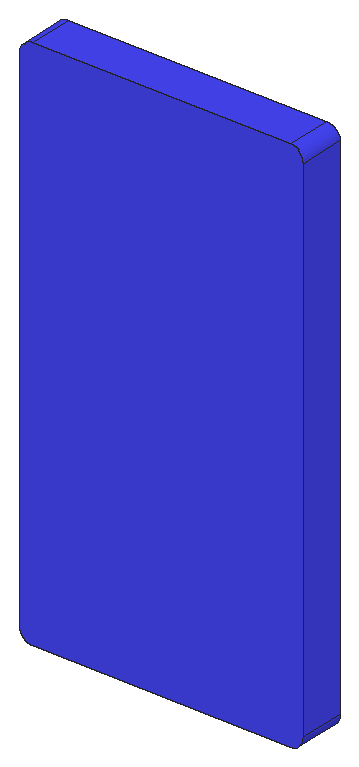
Revit family "Building-IEC309Connections-GEWISS-67IB-INTERLOCKED-SOCKET-OUTLETS_IP67_WITHOUT_BOTTOM_63A", category Apparecchi elettrici, host Muro, Revit 2016
Family settings
  Host = Muro
  Mantenere orientamento annotazione = Sì
  Tipo di parte = Normale
  Quota connettore circolare = Usa diametro
  Numero OmniClass = 23.80.50.14
  Titolo OmniClass = Plug Connectors
  Sempre verticale = Sì
  Taglio con vuoti quando caricato = No
  Condiviso = No
  Punto di calcolo locali = No
Parameters (values of type "GW67366N - 63A 3P+N+E 500V V.INT.SOCK.O.N.B.7H SBF")
  Working temperature = "-25 ÷ +40 °C"
  With back-mounting box = "No"
  Vista di pianta [instance] = yes
  Vetro = GEWISS - vetro
  Version file RFA = "18.0"
  URL = "https://www.gewiss.com/ww/en"
  Typology = "Vertical"
  Tipo Simbolo = PRESAINDSTAGNA : 3P
  Thermo-pressure with ball = "125 °C"
  Technical sheet = "https://www.gewiss.com/ww/en/search?q=GW67366N"
  Struttura frontale = GEWISS -BLU
  Struttura = GEWISS - Grigio RAL - 7035
  Simbolo [instance] = yes
  Shock resistance = "IK08"
  SEO = "Socket outlet"
  Reference h = "7"
  Realized by GEWISS S.p.A. = ""
  Rated voltage: = "480 - 500 V"
  Rated voltage = "480 - 500 V"
  Rated frequency (Hz) = "50/60 Hz"
  Rated current (In) = "63"
  Rated current (A) = "63"
  Protection = "NO (SBF)"
  Produttore = "GEWISS S.p.A."
  Presa = GEWISS - NERO
  Potenza = 500 V
  Operating temperature: = "-25 +40 °C"
  Numero poli = 3
  Number of poles = "3P+N+E"
  No. of poles = "3P+N+E"
  Modello = "GW67366N"
  Immagine tipo = GW67365N.jpg
  IP degree = "IP67"
  IFC.TypeObject = ""
  IFC.ExportType = ""
  IFC.ExportAs = ""
  IDT = "3210f2e1-5490-4980-ba84-a365430e0752"
  IDF = "122861de-0204-44ac-8832-c9cd502636ad"
  Glow wire test: = "850 °C"
  Glow Wire Test = "850 °C"
  Frequency = "50/60 Hz"
  Electrocod = "2222"
  EAN code = "8011564742475"
  Distanza orizzontale del simbolo [instance] = 0 mm
  Distanza dal muro [instance] = 20 mm
  Descrizione = "63A 3P+N+E 500V V.INT.SOCK.O.N.B.7H SBF"
  Cornice simbolo [instance] = yes
  Colour: = "Black"
  Colour = "Black"
  Classificazione carico = Altro
  Catalogue Range = "67 IB"
  Catalogue = "BUILDING"
  Carico apparente = 0 VA
  COBie.Tagnumber = ""
  COBie.CreatedOn = ""
  COBie.CreatebBy = ""
  COBie.ComponentRegisterItemID = ""
  COBie.Component.TagNumber = ""
  COBie.Component.Space = ""
  COBie.Component.SerialNumber = ""
  COBie.Component.InstallationDate = ""
  COBie.Component.Description = ""
  COBie.Component.BarCode = ""
  Altezza da terra = 1111.728 mm
Reference planes
  plane 1 "Muro": y = 0
  plane 2 "Centro (Sinistra/Destra)": x = 125
  plane 3 "Indietro": y = 75
  plane 4: z = 1111.728
  plane 5: x = 125
Lines and regions (mm)
  Masking region 1, visible <- "Vista di pianta"
    outline origin (0, -30, 0) x (1, 0, 0) y (0, 1, 0)
      loop
        line (78.101, 137.709) -> (78.101, 130.821) -> (171.899, 130.821) -> (171.899, 137.709) -> (78.101, 137.709)
      loop
        line (56.116, 126.991) -> (56.116, 105) -> (193.884, 105) -> (193.884, 126.991) -> (56.116, 126.991)
  Masking region 2, visible <- "Vista di pianta"
    outline origin (0, -30, 0) x (1, 0, 0) y (0, 1, 0)
      loop
        line (87.653, 126.991) -> (165, 126.991) -> (165, 130.821) -> (87.653, 130.821) -> (87.653, 126.991)
  Masking region 3
    outline origin (125, -30, 0) x (0, 1, 0) y (0, 0, 1)
      loop
        line (137.709, 1277.029) -> (137.709, 1347.029) -> (126.991, 1347.029) -> (126.991, 1277.029) -> (137.709, 1277.029)
      loop
        line (137.709, 1218.2) -> (126.991, 1218.2) -> (126.991, 1124.403) -> (137.709, 1124.403) -> (137.709, 1218.2)
  Masking region 4
    outline origin (125, -30, 0) x (0, 1, 0) y (0, 0, 1)
      loop
        line (105, 1115.344) -> (126.991, 1115.344) -> (126.991, 1377.912) -> (105, 1377.912) -> (105, 1115.344)
Text (mm)
  text "Lato posizionamento" at (-1848.837, 1116.779, 0), in view "Livello rif."
  text "Lato posizionamento" at (0, 1409.804, 2854.306), in view "Sinistra"
  text "Lato posizionamento" at (0, 499.811, 2980.732), in view "Destra"
Dimensions and locks
  locked: plane 3 "Indietro" to host wall
  "Altezza da terra": level to plane 4
  plane 4 to nested 1 = 269.8 mm
  nested 1 to nested 1 = 145 mm
  "Distanza orizzontale del simbolo": plane 5 to plane 2 "Centro (Sinistra/Destra)"
  aligned and locked: plane 1 "Muro" to host wall
  aligned and locked: plane 4 to nested 1
  aligned and locked: nested 2 to plane 5
  aligned and locked: plane 4 to nested 3
  aligned and locked: plane 2 "Centro (Sinistra/Destra)" to nested 3
  aligned and locked: plane 3 "Indietro" to nested 1
Automatic sketch dimensions
  host wall to Masking region 1 sketch curve = 0 mm
  Masking region 1 sketch curve to plane 2 "Centro (Sinistra/Destra)" = 68.884 mm
  Masking region 1 sketch curve to Masking region 1 sketch curve = 21.986 mm  (x2)
  plane 2 "Centro (Sinistra/Destra)" to Masking region 1 sketch curve = 46.899 mm
  Masking region 1 sketch curve to Masking region 1 sketch curve = 21.991 mm
  Masking region 1 sketch curve to Masking region 1 sketch curve = 3.83 mm
  Masking region 1 sketch curve to Masking region 1 sketch curve = 6.888 mm
  Masking region 2 sketch curve to plane 2 "Centro (Sinistra/Destra)" = 37.347 mm
  plane 2 "Centro (Sinistra/Destra)" to Masking region 2 sketch curve = 40 mm
  Masking region 2 sketch curve to Masking region 2 sketch curve = 3.83 mm
  host wall to Masking region 3 sketch curve = 21.991 mm  (x2)
  Masking region 3 sketch curve to Masking region 3 sketch curve = 10.718 mm  (x2)
  plane 4 to Masking region 3 sketch curve = 12.674 mm
  Masking region 3 sketch curve to Masking region 3 sketch curve = 93.797 mm
  Masking region 3 sketch curve to Masking region 3 sketch curve = 58.829 mm
  Masking region 3 sketch curve to Masking region 3 sketch curve = 70 mm
  host wall to Masking region 4 sketch curve = 0 mm
  Masking region 4 sketch curve to Masking region 4 sketch curve = 21.991 mm
  plane 4 to Masking region 4 sketch curve = 3.616 mm
  Masking region 4 sketch curve to Masking region 4 sketch curve = 262.568 mm
  host wall to Masking region 2 sketch curve = 21.991 mm
Nested families
  nested 1: "IB PRESE INTERBLOC" at (125, 45, 841.928) x (-1, 0, 0) z (0, 0, 1), type "IB PRESE INTERBLOC"
  nested 2: "PRESAINDSTAGNA" at (125, -324.93, 0), Distanza dal muro <- "Distanza dal muro", BORDO ACCESO <- "Cornice simbolo", SIMBOLO ACCESO <- "Simbolo", type <- "Tipo Simbolo", type "3P"
    with SIMBOLO ACCESO yes, Distanza dal muro 20 mm, BORDO ACCESO yes
  nested 3: "2D - IB PRESE INTERBLOC VERT NO FONDO 63A IP67" at (125, 0, 1111.728) x (-1, 0, 0) z (0, -1, 0), type "BIDIMENSIONALE"
Connectors
  electrical at (125, 90, 1111.728), driven by "Numero poli", driven by "Classificazione carico", driven by "Potenza", driven by "Carico apparente"
    settings: on nested 1, index 1, voltage 500 V, apparent load 0 VA, apparent load phase1 0 VA, apparent load phase2 0 VA, apparent load phase3 0 VA, power factor 1, load classification "Altro", number of poles 3, system type 31, power factor state 1, is connector primary yes, connector utility no, sub classification motor no, connector description ""
Definition of nested family "IB PRESE INTERBLOC"
  Parameters (values of type "IB PRESE INTERBLOC")
    Vetro = none
    Struttura frontale = none
    Struttura = none
    Spessore = 30 mm
    Default Elevation = 14 mm
    Presa = none
    Lunghezza = 145 mm
    IFC.TypeObject = ""
    IFC.ExportType = ""
    IFC.ExportAs = ""
    H_da terra = 269.8 mm
    COBie.CreatedOn = ""
    COBie.CreatebBy = ""
    COBie.ComponentRegisterItemID = ""
    COBie.Component.TagNumber = ""
    COBie.Component.Space = ""
    COBie.Component.SerialNumber = ""
    COBie.Component.InstallationDate = ""
    COBie.Component.Description = ""
    COBie.Component.BarCode = ""
    Altezza = 269.8 mm
  Reference planes
    plane 1 "Centro (Fronte/Retro)": y = 0
    plane 2: z = 0
    plane 3 "Centro (Sinistra/Destra)": x = 0
    plane 4: y = -30
    plane 5: x = -72.5
    plane 6: x = 72.5
    plane 7: z = 269.8
    plane 8: z = 539.6
    plane 9: x = -68.884
    plane 10: x = 68.884
    plane 11: z = 535.984
    plane 12: z = 273.416
    plane 13: y = -32
    plane 14: y = -42.675
  Forms (mm)
    Extrusion 1, solid, material <- "Struttura"
      sketch origin (0, 0, 0) x (1, 0, 0) y (0, 0, 1)
        loop
          line (-21.408, 374.665) -> (-32.003, 374.665)
          spline (-32.003, 374.665) -> (-33.047, 374.598) -> (-34.073, 374.397) -> (-35.063, 374.065) -> (-36.002, 373.609) -> (-36.871, 373.037) -> (-37.658, 372.357) -> (-38.347, 371.583) -> (-38.929, 370.726) -> (-39.391, 369.801) -> (-39.728, 368.826) -> (-39.932, 367.815) -> (-40, 366.787)
          line (-40, 366.787) -> (-40, 298.037)
          spline (-40, 298.037) -> (-39.932, 297.008) -> (-39.728, 295.997) -> (-39.391, 295.022) -> (-38.929, 294.097) -> (-38.347, 293.24) -> (-37.658, 292.466) -> (-36.871, 291.786) -> (-36.002, 291.214) -> (-35.063, 290.758) -> (-34.073, 290.427) -> (-33.047, 290.225) -> (-32.003, 290.158)
          line (-32.003, 290.158) -> (-21, 290.158) -> (29.35, 290.158)
          spline (29.35, 290.158) -> (30.394, 290.225) -> (31.42, 290.427) -> (32.411, 290.758) -> (33.349, 291.214) -> (34.218, 291.786) -> (35.005, 292.466) -> (35.695, 293.24) -> (36.276, 294.097) -> (36.738, 295.022) -> (37.075, 295.997) -> (37.279, 297.008) -> (37.347, 298.037)
          line (37.347, 298.037) -> (37.347, 366.787)
          spline (37.347, 366.787) -> (37.279, 367.815) -> (37.075, 368.826) -> (36.738, 369.801) -> (36.276, 370.726) -> (35.695, 371.583) -> (35.005, 372.357) -> (34.218, 373.037) -> (33.349, 373.609) -> (32.411, 374.065) -> (31.42, 374.397) -> (30.394, 374.598) -> (29.35, 374.665)
          line (29.35, 374.665) -> (-21.408, 374.665)
      from 51.991 to 55.821
    Extrusion 2, solid, material <- "Presa"
      sketch origin (0, 0, 0) x (1, 0, 0) y (0, 0, 1)
        loop
          circle (0, 329.373) r 46.899
      from 55.821 to 62.709
    Extrusion 3, solid, material <- "Struttura"
      sketch origin (0, 0, -15) x (1, 0, 0) y (0, 0, 1)
        loop
          circle (0, 485.1) r 35
        loop
          circle (0, 485.1) r 30
      from 51.991 to 62.709
    Extrusion 4, solid, material <- "Struttura frontale"
      sketch origin (0, 0, 0) x (1, 0, 0) y (0, 0, 1)
        loop
          arc (68.884, 529.678) -> (67.037, 534.137) -> (62.578, 535.984) r 6.306
          line (62.578, 535.984) -> (-62.578, 535.984)
          arc (-62.578, 535.984) -> (-67.037, 534.137) -> (-68.884, 529.678) r 6.306
          line (-68.884, 529.678) -> (-68.884, 279.931)
          arc (-68.884, 279.931) -> (-66.976, 275.324) -> (-62.369, 273.416) r 6.515
          line (-62.369, 273.416) -> (62.369, 273.416)
          arc (62.369, 273.416) -> (66.976, 275.324) -> (68.884, 279.931) r 6.515
          line (68.884, 279.931) -> (68.884, 529.678)
      from 30 to 51.991
    Extrusion 5, solid, material <- "Struttura"
      sketch origin (0, 0, 0) x (1, 0, 0) y (0, 0, 1)
        loop
          arc (-9.963, 471.083) -> (-10.236, 469.705) -> (-10.015, 468.317) r 4.001
          arc (-10.015, 468.317) -> (-9.857, 467.856) -> (-9.704, 467.394) r 53.759
          arc (-9.704, 467.394) -> (-7.693, 459.075) -> (-7.017, 450.544) r 54.183
          line (-7.017, 450.544) -> (-7.017, 442.035)
          spline (-7.017, 442.035) -> (-7.011, 441.922) -> (-6.992, 441.811) -> (-6.96, 441.703) -> (-6.917, 441.598) -> (-6.862, 441.5) -> (-6.796, 441.408) -> (-6.72, 441.324) -> (-6.635, 441.249) -> (-6.543, 441.185) -> (-6.443, 441.131) -> (-6.339, 441.088) -> (-6.23, 441.058)
          arc (-6.23, 441.058) -> (0, 440.389) -> (6.229, 441.058) r 29.316
          spline (6.229, 441.058) -> (6.338, 441.088) -> (6.443, 441.131) -> (6.542, 441.185) -> (6.634, 441.249) -> (6.719, 441.324) -> (6.795, 441.408) -> (6.861, 441.5) -> (6.916, 441.598) -> (6.959, 441.703) -> (6.991, 441.811) -> (7.01, 441.922) -> (7.016, 442.035)
          line (7.016, 442.035) -> (7.016, 450.535)
          arc (7.016, 450.535) -> (7.692, 459.068) -> (9.704, 467.389) r 54.184
          arc (9.704, 467.389) -> (9.858, 467.853) -> (10.016, 468.315) r 53.759
          arc (10.016, 468.315) -> (10.237, 469.703) -> (9.965, 471.082) r 4.002
          arc (9.965, 471.082) -> (6.667, 482.627) -> (5.575, 494.585) r 64.271
          line (5.575, 494.585) -> (5.607, 501.191)
          arc (5.607, 501.191) -> (5.346, 501.852) -> (4.711, 502.172) r 1
          arc (4.711, 502.172) -> (2.359, 502.356) -> (0, 502.417) r 45.391
          arc (0, 502.417) -> (-2.359, 502.356) -> (-4.711, 502.172) r 45.391
          arc (-4.711, 502.172) -> (-5.346, 501.852) -> (-5.607, 501.191) r 1
          line (-5.607, 501.191) -> (-5.574, 494.585)
          arc (-5.574, 494.585) -> (-6.667, 482.628) -> (-9.963, 471.083) r 64.271
      from 51.991 to 62.709
  Dimensions and locks
    "H_da terra": plane 7 to level
    "Altezza": plane 8 to plane 7
    equal spacing: plane 5, plane 3 "Centro (Sinistra/Destra)", plane 6
    "Lunghezza": plane 5 to plane 6
    locked: plane 8 to plane 11 at 3.616
    locked: plane 12 to plane 7 at 3.616
    locked: plane 5 to plane 9 at 3.616
    locked: plane 6 to plane 10 at 3.616
    "Spessore": plane 4 to plane 1 "Centro (Fronte/Retro)"
    locked: plane 13 to plane 4 at 2
    plane 14 to plane 4 = 12.675 mm
    locked: Extrusion 4 to plane 14 at 9.315
    aligned and locked: level to plane 2
    aligned and locked: Extrusion 4 sketch curve to plane 10
    aligned and locked: Extrusion 4 sketch curve to plane 9
    aligned and locked: Extrusion 4 sketch curve to plane 12
    aligned and locked: Extrusion 4 sketch curve to plane 11
    aligned and locked: plane 4 to Extrusion 4
    aligned and locked: Extrusion 3 to Extrusion 4
    aligned and locked: Extrusion 3 to Extrusion 2
    aligned and locked: Extrusion 2 to Extrusion 1
    aligned and locked: Extrusion 1 to Extrusion 5
    aligned and locked: Extrusion 5 to Extrusion 2
  Automatic sketch dimensions
    Extrusion 1 sketch curve to plane 9 = 28.884 mm
    Extrusion 1 sketch curve to Extrusion 1 sketch curve = 7.997 mm  (x3)
    Extrusion 1 sketch curve to plane 10 = 39.534 mm  (x2)
    Extrusion 1 sketch curve to plane 12 = 16.742 mm
    Extrusion 1 sketch curve to Extrusion 1 sketch curve = 7.878 mm  (x3)
    Extrusion 1 sketch curve to Extrusion 1 sketch curve = 68.75 mm
    Extrusion 1 sketch curve to Extrusion 1 sketch curve = 0 mm
    Extrusion 1 sketch curve to Extrusion 1 sketch curve = 2.599 mm
    Extrusion 1 sketch curve to Extrusion 1 sketch curve = 3.006 mm
    Extrusion 2 sketch curve to plane 3 "Centro (Sinistra/Destra)" = 0 mm
    Extrusion 2 sketch curve to plane 12 = 55.957 mm
    Extrusion 4 sketch curve to plane 9 = 6.306 mm
    Extrusion 4 sketch curve to plane 9 = 6.515 mm
    Extrusion 4 sketch curve to Extrusion 4 sketch curve = 6.515 mm
    Extrusion 4 sketch curve to Extrusion 4 sketch curve = 6.306 mm
    Extrusion 3 sketch curve to Extrusion 3 sketch curve = 0 mm  (x2)
    Extrusion 3 sketch curve to plane 3 "Centro (Sinistra/Destra)" = 0 mm
    Extrusion 3 sketch curve to plane 11 = 65.884 mm
    Extrusion 5 sketch curve to plane 3 "Centro (Sinistra/Destra)" = 0 mm  (x2)
    Extrusion 5 sketch curve to plane 3 "Centro (Sinistra/Destra)" = 0.003 mm
    Extrusion 5 sketch curve to plane 3 "Centro (Sinistra/Destra)" = 4.607 mm
    Extrusion 5 sketch curve to plane 3 "Centro (Sinistra/Destra)" = 5.574 mm
    Extrusion 5 sketch curve to Extrusion 5 sketch curve = 1 mm  (x4)
    Extrusion 5 sketch curve to plane 3 "Centro (Sinistra/Destra)" = 6.236 mm
    Extrusion 5 sketch curve to plane 3 "Centro (Sinistra/Destra)" = 7.017 mm
    Extrusion 5 sketch curve to plane 9 = 8.087 mm
    Extrusion 5 sketch curve to Extrusion 5 sketch curve = 0.402 mm  (x2)
    plane 9 to Extrusion 5 sketch curve = 0.961 mm
    plane 3 "Centro (Sinistra/Destra)" to Extrusion 5 sketch curve = 0.003 mm
    plane 3 "Centro (Sinistra/Destra)" to Extrusion 5 sketch curve = 4.607 mm
    plane 3 "Centro (Sinistra/Destra)" to Extrusion 5 sketch curve = 5.575 mm
    plane 3 "Centro (Sinistra/Destra)" to Extrusion 5 sketch curve = 6.236 mm
    plane 3 "Centro (Sinistra/Destra)" to Extrusion 5 sketch curve = 7.016 mm
    Extrusion 5 sketch curve to plane 10 = 8.086 mm
    plane 10 to Extrusion 5 sketch curve = 0.962 mm
    Extrusion 5 sketch curve to plane 11 = 93.949 mm
    Extrusion 5 sketch curve to Extrusion 5 sketch curve = 0 mm  (x3)
    Extrusion 5 sketch curve to Extrusion 5 sketch curve = 8.509 mm
    Extrusion 5 sketch curve to Extrusion 5 sketch curve = 8.5 mm
    Extrusion 5 sketch curve to Extrusion 5 sketch curve = 0.132 mm
    Extrusion 5 sketch curve to Extrusion 5 sketch curve = 0.138 mm
    Extrusion 5 sketch curve to Extrusion 5 sketch curve = 6.491 mm
    Extrusion 5 sketch curve to Extrusion 5 sketch curve = 12.604 mm
    Extrusion 5 sketch curve to Extrusion 5 sketch curve = 0.001 mm
    Extrusion 5 sketch curve to Extrusion 5 sketch curve = 0.075 mm
    Extrusion 5 sketch curve to Extrusion 5 sketch curve = 43.754 mm
    Extrusion 5 sketch curve to Extrusion 5 sketch curve = 43.752 mm
    Extrusion 5 sketch curve to Extrusion 5 sketch curve = 24.955 mm
    Extrusion 5 sketch curve to Extrusion 5 sketch curve = 6.593 mm  (x2)
    Extrusion 5 sketch curve to Extrusion 5 sketch curve = 0.013 mm  (x2)
    Extrusion 5 sketch curve to Extrusion 5 sketch curve = 0.104 mm
    Extrusion 5 sketch curve to Extrusion 5 sketch curve = 0.212 mm  (x2)
    Extrusion 5 sketch curve to Extrusion 5 sketch curve = 0.372 mm  (x2)
    Extrusion 5 sketch curve to Extrusion 5 sketch curve = 3.468 mm  (x2)
    Extrusion 5 sketch curve to Extrusion 5 sketch curve = 0.26 mm
    Extrusion 5 sketch curve to Extrusion 5 sketch curve = 0.261 mm
    Extrusion 5 sketch curve to Extrusion 5 sketch curve = 0.977 mm
    radius of Extrusion 2 sketch curve = 46.899 mm
    radius of Extrusion 3 sketch curve = 35 mm
    radius of Extrusion 3 sketch curve = 30 mm
Definition of nested family "PRESAINDSTAGNA"
  Parameters (values of type "2P")
    SIMBOLO ACCESO [instance] = yes
    SIMBOLO = PRESAINDSTAGNA_BASE : 2P
    Distanza dal muro [instance] = 0 mm
    BORDO ACCESO [instance] = yes
  Types (2, lengths in mm): name | SIMBOLO
    2P | PRESAINDSTAGNA_BASE : 2P
    3P | PRESAINDSTAGNA_BASE : 3P
  Reference planes
    plane 1: y = 0
    plane 2: x = 0
  Dimensions and locks
    "Distanza dal muro": plane 1 to nested 1
    aligned and locked: plane 2 to nested 1
  Nested families
    nested 1: "PRESAINDSTAGNA_BASE" at (0, 0, 0), type <- "SIMBOLO", CORNICE SIMBOLO <- "BORDO ACCESO", visible <- "SIMBOLO ACCESO", type "2P"
  Definition of nested family "PRESAINDSTAGNA_BASE"
    Parameters (values of type "3P")
      CORNICE SIMBOLO [instance] = yes
      3P = yes
    Types (2, lengths in mm): name | 3P
      3P | yes
      2P | no
    Reference planes
      plane 1: y = 0
      plane 2: x = 0
    Lines and regions (mm)
      detail lines, not visible
        curve 1: line (-2.443, 10.208, 0) -> (2.057, 10.208, 0)
        curve 2: line (2.057, 10.208, 0) -> (2.057, 4.208, 0)
        curve 3: line (2.057, 4.208, 0) -> (-2.443, 4.208, 0)
        curve 4: line (-2.443, 4.208, 0) -> (-2.443, 10.208, 0)
        curve 5: line (-2.043, 9.808, 0) -> (1.657, 9.808, 0)
        curve 6: line (1.657, 9.808, 0) -> (1.657, 4.608, 0)
        curve 7: line (1.657, 4.608, 0) -> (-2.043, 4.608, 0)
        curve 8: line (-2.043, 4.608, 0) -> (-2.043, 9.808, 0)
      detail lines
        curve 9: line (-0.333, 0.928, 0) -> (-0.05, 0.928, 0)
        curve 10: line (-0.05, 0.928, 0) -> (0.417, 1.737, 0)
        curve 11: line (0.417, 1.737, 0) -> (0.764, 1.537, 0)
        curve 12: line (-0.05, 0.928, 0) -> (-0.333, 0.437, 0)
        curve 13: line (-0.333, 0.437, 0) -> (-0.333, 2.059, 0)
        curve 14: line (0.222, 1.399, 0) -> (0.569, 1.199, 0)
        curve 15: line (-0.723, 0.437, 0) -> (0.057, 0.437, 0)
        curve 16: line (-0.333, 0.81, 0) -> (-0.216, 0.928, 0)
        curve 17: line (-0.333, 0.741, 0) -> (-0.147, 0.928, 0)
        curve 18: line (-0.333, 0.672, 0) -> (-0.078, 0.928, 0)
        curve 19: line (-0.333, 0.603, 0) -> (-0.106, 0.831, 0)
        curve 20: line (-0.333, 0.534, 0) -> (-0.2, 0.668, 0)
        curve 22: arc (-0.723, 0.047, 0) -> (-0.333, 0.437, 0) -> (0.057, 0.047, 0) r 0.39
        curve 23: line (-0.8, 2.1, 0) -> (0.8, 2.1, 0)
        curve 24: line (-0.8, 0, 0) -> (-0.8, 2.1, 0)
        curve 25: line (0.8, 0, 0) -> (-0.8, 0, 0)
        curve 26: line (0.8, 2.1, 0) -> (0.8, 0, 0)
      detail lines, visible <- "3P"
        curve 21: line (0.028, 1.061, 0) -> (0.374, 0.861, 0)
Definition of nested family "2D - IB PRESE INTERBLOC VERT NO FONDO 63A IP67"
  Reference planes
    plane 1 "Centro (Fronte/Retro)": y = 0
    plane 2: z = 0
    plane 3 "Centro (Sinistra/Destra)": x = 0
  Lines and regions (mm)
    model lines, in view "Livello rif."
      curve 1: line (-51.107, 115.534, 0) -> (-51.107, 90.518, 0)
      curve 2: line (-13.3, 65.007, 0) -> (13.306, 65.007, 0)
      curve 3: spline (51.107, 115.534, 0) -> (51.028, 116.714, 0) -> (50.793, 117.874, 0) -> (50.404, 118.994, 0) -> (49.869, 120.055, 0) -> (49.198, 121.039, 0) -> (48.401, 121.928, 0) -> (47.492, 122.708, 0) -> (46.487, 123.365, 0) -> (45.403, 123.888, 0) -> (44.259, 124.268, 0) -> (43.073, 124.499, 0) -> (41.867, 124.576, 0)
      curve 4: spline (-41.877, 124.576, 0) -> (-43.083, 124.498, 0) -> (-44.267, 124.266, 0) -> (-45.41, 123.885, 0) -> (-46.493, 123.362, 0) -> (-47.497, 122.704, 0) -> (-48.404, 121.924, 0) -> (-49.2, 121.035, 0) -> (-49.871, 120.052, 0) -> (-50.405, 118.992, 0) -> (-50.793, 117.873, 0) -> (-51.028, 116.713, 0) -> (-51.107, 115.534, 0)
      curve 5: spline (-56.595, 57.387, 0) -> (-54.666, 43.793, 0) -> (-49.012, 31.126, 0) -> (-40.018, 20.248, 0) -> (-28.297, 11.901, 0) -> (-14.647, 6.654, 0) -> (0.001, 4.865, 0) -> (14.648, 6.655, 0) -> (28.298, 11.902, 0) -> (40.019, 20.249, 0) -> (49.013, 31.127, 0) -> (54.667, 43.794, 0) -> (56.595, 57.388, 0) -> (54.666, 70.982, 0) -> (49.012, 83.649, 0) -> (40.018, 94.527, 0) -> (28.297, 102.874, 0) -> (14.647, 108.121, 0) -> (-0.001, 109.91, 0) -> (-14.648, 108.12, 0) -> (-28.298, 102.873, 0) -> (-40.019, 94.526, 0) -> (-49.013, 83.648, 0) -> (-54.667, 70.981, 0) -> (-56.595, 57.387, 0)
      curve 6: arc (6.31, 44.538, 0) -> (9.796, 44.596, 0) -> (13.282, 44.683, 0) r 420.797
      curve 7: line (19.056, 124.576, 0) -> (41.867, 124.576, 0)
      curve 8: line (-41.877, 124.576, 0) -> (-19.059, 124.576, 0)
      curve 9: line (13.282, 44.683, 0) -> (13.585, 44.733, 0)
      curve 10: line (13.585, 44.733, 0) -> (13.74, 44.788, 0)
      curve 11: line (13.74, 44.788, 0) -> (13.892, 44.866, 0)
      curve 12: line (13.892, 44.866, 0) -> (14.123, 45.045, 0)
      curve 13: line (14.123, 45.045, 0) -> (14.304, 45.279, 0)
      curve 14: line (14.304, 45.279, 0) -> (14.406, 45.526, 0)
      curve 15: line (14.406, 45.526, 0) -> (14.437, 45.765, 0)
      curve 16: line (-14.438, 45.772, 0) -> (-14.407, 45.531, 0)
      curve 17: line (-14.407, 45.531, 0) -> (-14.31, 45.29, 0)
      curve 18: line (-14.31, 45.29, 0) -> (-14.132, 45.053, 0)
      curve 19: line (-14.132, 45.053, 0) -> (-13.901, 44.871, 0)
      curve 20: line (-13.901, 44.871, 0) -> (-13.746, 44.79, 0)
      curve 21: line (-13.746, 44.79, 0) -> (-13.589, 44.733, 0)
      curve 22: line (-13.589, 44.733, 0) -> (-13.282, 44.683, 0)
      curve 23: line (-13.282, 44.683, 0) -> (-7.223, 44.55, 0)
      curve 24: line (-7.223, 44.55, 0) -> (-2.686, 44.505, 0)
      curve 25: line (-2.686, 44.505, 0) -> (3.695, 44.505, 0)
      curve 26: line (3.695, 44.505, 0) -> (6.31, 44.538, 0)
      curve 27: arc (19.056, 132.003, 0) -> (18.717, 132.82, 0) -> (17.901, 133.158, 0) r 1.155
      curve 28: arc (-17.904, 133.157, 0) -> (-18.721, 132.819, 0) -> (-19.059, 132.002, 0) r 1.155
      curve 29: spline (-51.109, 21.759, 0) -> (-51.029, 20.568, 0) -> (-50.792, 19.398, 0) -> (-50.401, 18.268, 0) -> (-49.863, 17.199, 0) -> (-49.187, 16.208, 0) -> (-48.385, 15.313, 0) -> (-47.471, 14.529, 0) -> (-46.461, 13.869, 0) -> (-45.371, 13.345, 0) -> (-44.221, 12.966, 0) -> (-43.03, 12.739, 0) -> (-41.82, 12.667, 0)
      curve 30: spline (41.861, 12.667, 0) -> (43.066, 12.744, 0) -> (44.251, 12.976, 0) -> (45.396, 13.358, 0) -> (46.479, 13.884, 0) -> (47.484, 14.544, 0) -> (48.393, 15.328, 0) -> (49.19, 16.222, 0) -> (49.861, 17.21, 0) -> (50.396, 18.276, 0) -> (50.785, 19.402, 0) -> (51.021, 20.568, 0) -> (51.1, 21.754, 0)
      curve 31: spline (-36.96, 56.355, 0) -> (-35.701, 47.478, 0) -> (-32.008, 39.205, 0) -> (-26.135, 32.101, 0) -> (-18.48, 26.65, 0) -> (-9.566, 23.223, 0) -> (0, 22.055, 0) -> (9.566, 23.223, 0) -> (18.48, 26.65, 0) -> (26.134, 32.101, 0) -> (32.008, 39.205, 0) -> (35.701, 47.477, 0) -> (36.96, 56.355, 0)
      curve 32: spline (36.96, 56.354, 0) -> (36.411, 62.244, 0) -> (34.781, 67.959, 0) -> (32.117, 73.329, 0) -> (28.499, 78.195, 0) -> (24.035, 82.413, 0) -> (18.856, 85.856, 0) -> (13.118, 88.422, 0) -> (6.99, 90.037, 0) -> (0.654, 90.65, 0) -> (-5.702, 90.245, 0) -> (-11.888, 88.833, 0) -> (-17.72, 86.456, 0)
      curve 33: spline (-17.72, 86.456, 0) -> (-20.54, 84.871, 0) -> (-23.197, 83.059, 0) -> (-25.668, 81.034, 0) -> (-27.936, 78.813, 0) -> (-29.981, 76.414, 0) -> (-31.788, 73.854, 0) -> (-33.342, 71.156, 0) -> (-34.631, 68.34, 0) -> (-35.644, 65.428, 0) -> (-36.373, 62.444, 0) -> (-36.813, 59.412, 0) -> (-36.96, 56.355, 0)
      curve 34: spline (40.805, 19.833, 0) -> (40.81, 19.838, 0) -> (40.815, 19.843, 0) -> (40.819, 19.849, 0) -> (40.823, 19.856, 0) -> (40.826, 19.862, 0) -> (40.829, 19.87, 0) -> (40.831, 19.877, 0) -> (40.833, 19.885, 0) -> (40.834, 19.894, 0) -> (40.836, 19.903, 0) -> (40.836, 19.912, 0) -> (40.836, 19.922, 0)
      curve 35: spline (40.183, 20.106, 0) -> (40.255, 20.049, 0) -> (40.325, 19.997, 0) -> (40.393, 19.951, 0) -> (40.457, 19.91, 0) -> (40.518, 19.876, 0) -> (40.575, 19.849, 0) -> (40.627, 19.828, 0) -> (40.674, 19.815, 0) -> (40.716, 19.809, 0) -> (40.752, 19.81, 0) -> (40.782, 19.818, 0) -> (40.805, 19.833, 0)
      curve 36: spline (40.183, 20.106, 0) -> (41.05, 20.929, 0) -> (41.897, 21.769, 0) -> (42.725, 22.625, 0) -> (43.532, 23.499, 0) -> (44.319, 24.388, 0) -> (45.084, 25.293, 0) -> (45.828, 26.213, 0) -> (46.55, 27.149, 0) -> (47.25, 28.098, 0) -> (47.927, 29.062, 0) -> (48.582, 30.039, 0) -> (49.213, 31.029, 0)
      curve 37: spline (49.213, 31.029, 0) -> (49.308, 30.989, 0) -> (49.399, 30.954, 0) -> (49.487, 30.925, 0) -> (49.57, 30.902, 0) -> (49.648, 30.885, 0) -> (49.72, 30.874, 0) -> (49.786, 30.87, 0) -> (49.844, 30.873, 0) -> (49.894, 30.882, 0) -> (49.936, 30.897, 0) -> (49.969, 30.919, 0) -> (49.993, 30.946, 0)
      curve 38: spline (54.89, 43.748, 0) -> (55.004, 43.731, 0) -> (55.114, 43.72, 0) -> (55.219, 43.714, 0) -> (55.318, 43.714, 0) -> (55.41, 43.72, 0) -> (55.493, 43.731, 0) -> (55.568, 43.747, 0) -> (55.632, 43.769, 0) -> (55.686, 43.796, 0) -> (55.728, 43.828, 0) -> (55.758, 43.865, 0) -> (55.777, 43.905, 0)
      curve 39: spline (54.89, 43.748, 0) -> (55.198, 44.863, 0) -> (55.479, 45.983, 0) -> (55.734, 47.109, 0) -> (55.963, 48.24, 0) -> (56.165, 49.375, 0) -> (56.34, 50.514, 0) -> (56.488, 51.656, 0) -> (56.61, 52.801, 0) -> (56.704, 53.948, 0) -> (56.772, 55.097, 0) -> (56.812, 56.247, 0) -> (56.826, 57.398, 0)
      curve 40: spline (56.826, 57.398, 0) -> (56.953, 57.41, 0) -> (57.076, 57.428, 0) -> (57.192, 57.451, 0) -> (57.301, 57.479, 0) -> (57.401, 57.511, 0) -> (57.49, 57.547, 0) -> (57.567, 57.587, 0) -> (57.632, 57.629, 0) -> (57.683, 57.675, 0) -> (57.72, 57.722, 0) -> (57.742, 57.77, 0) -> (57.75, 57.819, 0)
      curve 41: spline (54.889, 71.047, 0) -> (55.013, 71.09, 0) -> (55.132, 71.138, 0) -> (55.245, 71.189, 0) -> (55.351, 71.243, 0) -> (55.447, 71.3, 0) -> (55.533, 71.358, 0) -> (55.608, 71.417, 0) -> (55.67, 71.475, 0) -> (55.719, 71.533, 0) -> (55.755, 71.589, 0) -> (55.776, 71.643, 0) -> (55.782, 71.694, 0)
      curve 42: spline (54.889, 71.047, 0) -> (54.555, 72.155, 0) -> (54.195, 73.256, 0) -> (53.81, 74.349, 0) -> (53.398, 75.435, 0) -> (52.962, 76.511, 0) -> (52.5, 77.579, 0) -> (52.013, 78.637, 0) -> (51.501, 79.685, 0) -> (50.965, 80.722, 0) -> (50.405, 81.749, 0) -> (49.82, 82.763, 0) -> (49.212, 83.766, 0)
      curve 43: spline (49.212, 83.766, 0) -> (49.322, 83.838, 0) -> (49.429, 83.912, 0) -> (49.529, 83.989, 0) -> (49.624, 84.067, 0) -> (49.71, 84.146, 0) -> (49.787, 84.223, 0) -> (49.854, 84.299, 0) -> (49.91, 84.372, 0) -> (49.954, 84.441, 0) -> (49.986, 84.505, 0) -> (50.006, 84.564, 0) -> (50.012, 84.616, 0)
      curve 44: spline (40.181, 94.688, 0) -> (40.272, 94.785, 0) -> (40.359, 94.884, 0) -> (40.442, 94.984, 0) -> (40.519, 95.084, 0) -> (40.59, 95.182, 0) -> (40.653, 95.277, 0) -> (40.708, 95.368, 0) -> (40.753, 95.454, 0) -> (40.789, 95.533, 0) -> (40.815, 95.604, 0) -> (40.83, 95.667, 0) -> (40.834, 95.72, 0)
      curve 45: spline (40.181, 94.688, 0) -> (39.295, 95.492, 0) -> (38.39, 96.279, 0) -> (37.467, 97.047, 0) -> (36.526, 97.796, 0) -> (35.568, 98.526, 0) -> (34.592, 99.236, 0) -> (33.601, 99.926, 0) -> (32.593, 100.597, 0) -> (31.57, 101.246, 0) -> (30.531, 101.875, 0) -> (29.479, 102.482, 0) -> (28.412, 103.068, 0)
      curve 46: spline (28.412, 103.068, 0) -> (28.475, 103.183, 0) -> (28.537, 103.3, 0) -> (28.595, 103.416, 0) -> (28.649, 103.531, 0) -> (28.699, 103.644, 0) -> (28.744, 103.751, 0) -> (28.782, 103.853, 0) -> (28.815, 103.948, 0) -> (28.84, 104.034, 0) -> (28.859, 104.111, 0) -> (28.87, 104.178, 0) -> (28.874, 104.233, 0)
      curve 47: spline (14.706, 108.337, 0) -> (14.74, 108.465, 0) -> (14.772, 108.595, 0) -> (14.802, 108.724, 0) -> (14.831, 108.85, 0) -> (14.857, 108.973, 0) -> (14.88, 109.09, 0) -> (14.9, 109.2, 0) -> (14.916, 109.301, 0) -> (14.929, 109.392, 0) -> (14.939, 109.472, 0) -> (14.944, 109.54, 0) -> (14.945, 109.594, 0)
      curve 48: spline (14.706, 108.337, 0) -> (13.505, 108.622, 0) -> (12.298, 108.883, 0) -> (11.085, 109.12, 0) -> (9.866, 109.332, 0) -> (8.643, 109.52, 0) -> (7.416, 109.682, 0) -> (6.185, 109.82, 0) -> (4.951, 109.933, 0) -> (3.715, 110.02, 0) -> (2.477, 110.083, 0) -> (1.238, 110.121, 0) -> (-0.001, 110.133, 0)
      curve 49: spline (-14.948, 109.586, 0) -> (-14.946, 109.53, 0) -> (-14.94, 109.461, 0) -> (-14.931, 109.381, 0) -> (-14.918, 109.29, 0) -> (-14.901, 109.189, 0) -> (-14.881, 109.08, 0) -> (-14.858, 108.964, 0) -> (-14.832, 108.843, 0) -> (-14.804, 108.718, 0) -> (-14.774, 108.59, 0) -> (-14.742, 108.463, 0) -> (-14.709, 108.336, 0)
      curve 50: spline (-14.709, 108.336, 0) -> (-15.903, 108.026, 0) -> (-17.089, 107.692, 0) -> (-18.267, 107.334, 0) -> (-19.437, 106.952, 0) -> (-20.597, 106.547, 0) -> (-21.748, 106.118, 0) -> (-22.888, 105.666, 0) -> (-24.017, 105.192, 0) -> (-25.135, 104.694, 0) -> (-26.241, 104.174, 0) -> (-27.334, 103.631, 0) -> (-28.414, 103.067, 0)
      curve 51: spline (14.709, 6.457, 0) -> (15.903, 6.766, 0) -> (17.089, 7.1, 0) -> (18.267, 7.458, 0) -> (19.437, 7.84, 0) -> (20.597, 8.245, 0) -> (21.748, 8.674, 0) -> (22.888, 9.126, 0) -> (24.017, 9.601, 0) -> (25.135, 10.098, 0) -> (26.241, 10.619, 0) -> (27.334, 11.161, 0) -> (28.414, 11.725, 0)
      curve 52: spline (28.414, 11.725, 0) -> (28.463, 11.657, 0) -> (28.51, 11.593, 0) -> (28.555, 11.535, 0) -> (28.599, 11.483, 0) -> (28.64, 11.437, 0) -> (28.679, 11.397, 0) -> (28.715, 11.365, 0) -> (28.748, 11.34, 0) -> (28.778, 11.322, 0) -> (28.804, 11.312, 0) -> (28.826, 11.309, 0) -> (28.844, 11.314, 0)
      curve 53: spline (-28.876, 104.231, 0) -> (-28.872, 104.176, 0) -> (-28.861, 104.11, 0) -> (-28.843, 104.033, 0) -> (-28.817, 103.947, 0) -> (-28.785, 103.852, 0) -> (-28.746, 103.75, 0) -> (-28.702, 103.642, 0) -> (-28.652, 103.53, 0) -> (-28.597, 103.415, 0) -> (-28.539, 103.298, 0) -> (-28.478, 103.182, 0) -> (-28.414, 103.067, 0)
      curve 54: spline (-40.836, 95.714, 0) -> (-40.831, 95.66, 0) -> (-40.815, 95.597, 0) -> (-40.789, 95.525, 0) -> (-40.753, 95.447, 0) -> (-40.707, 95.361, 0) -> (-40.652, 95.271, 0) -> (-40.589, 95.176, 0) -> (-40.519, 95.079, 0) -> (-40.442, 94.98, 0) -> (-40.36, 94.88, 0) -> (-40.273, 94.782, 0) -> (-40.183, 94.686, 0)
      curve 55: spline (-40.183, 94.686, 0) -> (-41.05, 93.864, 0) -> (-41.897, 93.024, 0) -> (-42.725, 92.167, 0) -> (-43.532, 91.294, 0) -> (-44.319, 90.404, 0) -> (-45.084, 89.499, 0) -> (-45.828, 88.579, 0) -> (-46.55, 87.644, 0) -> (-47.25, 86.694, 0) -> (-47.927, 85.731, 0) -> (-48.582, 84.754, 0) -> (-49.213, 83.763, 0)
      curve 56: spline (-50.014, 84.614, 0) -> (-50.007, 84.561, 0) -> (-49.988, 84.503, 0) -> (-49.956, 84.438, 0) -> (-49.911, 84.369, 0) -> (-49.855, 84.296, 0) -> (-49.788, 84.221, 0) -> (-49.711, 84.143, 0) -> (-49.625, 84.065, 0) -> (-49.531, 83.987, 0) -> (-49.43, 83.91, 0) -> (-49.324, 83.835, 0) -> (-49.213, 83.763, 0)
      curve 57: spline (-55.783, 71.688, 0) -> (-55.775, 71.637, 0) -> (-55.754, 71.583, 0) -> (-55.718, 71.527, 0) -> (-55.668, 71.47, 0) -> (-55.606, 71.411, 0) -> (-55.531, 71.353, 0) -> (-55.445, 71.295, 0) -> (-55.349, 71.239, 0) -> (-55.244, 71.186, 0) -> (-55.132, 71.135, 0) -> (-55.013, 71.087, 0) -> (-54.89, 71.044, 0)
      curve 58: spline (-54.89, 71.044, 0) -> (-55.198, 69.93, 0) -> (-55.479, 68.809, 0) -> (-55.734, 67.683, 0) -> (-55.963, 66.553, 0) -> (-56.165, 65.417, 0) -> (-56.34, 64.278, 0) -> (-56.488, 63.136, 0) -> (-56.61, 61.991, 0) -> (-56.704, 60.844, 0) -> (-56.772, 59.695, 0) -> (-56.813, 58.545, 0) -> (-56.826, 57.395, 0)
      curve 59: spline (-57.75, 57.816, 0) -> (-57.743, 57.767, 0) -> (-57.72, 57.719, 0) -> (-57.683, 57.672, 0) -> (-57.632, 57.627, 0) -> (-57.567, 57.584, 0) -> (-57.49, 57.544, 0) -> (-57.401, 57.508, 0) -> (-57.301, 57.476, 0) -> (-57.193, 57.448, 0) -> (-57.076, 57.425, 0) -> (-56.953, 57.407, 0) -> (-56.826, 57.395, 0)
      curve 60: spline (-55.779, 43.914, 0) -> (-55.763, 43.872, 0) -> (-55.735, 43.833, 0) -> (-55.694, 43.8, 0) -> (-55.642, 43.771, 0) -> (-55.578, 43.748, 0) -> (-55.503, 43.73, 0) -> (-55.419, 43.718, 0) -> (-55.326, 43.712, 0) -> (-55.225, 43.711, 0) -> (-55.118, 43.717, 0) -> (-55.006, 43.728, 0) -> (-54.889, 43.746, 0)
      curve 61: spline (-54.889, 43.746, 0) -> (-54.555, 42.638, 0) -> (-54.196, 41.537, 0) -> (-53.81, 40.443, 0) -> (-53.399, 39.358, 0) -> (-52.962, 38.281, 0) -> (-52.5, 37.213, 0) -> (-52.013, 36.155, 0) -> (-51.501, 35.107, 0) -> (-50.965, 34.07, 0) -> (-50.405, 33.044, 0) -> (-49.82, 32.029, 0) -> (-49.212, 31.027, 0)
      curve 62: spline (-50.012, 31.019, 0) -> (-50.012, 31.012, 0) -> (-50.012, 31.005, 0) -> (-50.011, 30.999, 0) -> (-50.01, 30.992, 0) -> (-50.009, 30.986, 0) -> (-50.007, 30.979, 0) -> (-50.006, 30.973, 0) -> (-50.004, 30.967, 0) -> (-50.001, 30.961, 0) -> (-49.999, 30.956, 0) -> (-49.996, 30.95, 0) -> (-49.993, 30.945, 0)
      curve 63: spline (-49.993, 30.945, 0) -> (-49.969, 30.917, 0) -> (-49.936, 30.895, 0) -> (-49.894, 30.88, 0) -> (-49.844, 30.871, 0) -> (-49.786, 30.868, 0) -> (-49.72, 30.872, 0) -> (-49.648, 30.882, 0) -> (-49.57, 30.899, 0) -> (-49.486, 30.922, 0) -> (-49.398, 30.951, 0) -> (-49.307, 30.986, 0) -> (-49.212, 31.027, 0)
      curve 64: spline (-40.803, 19.831, 0) -> (-40.78, 19.816, 0) -> (-40.75, 19.808, 0) -> (-40.714, 19.807, 0) -> (-40.672, 19.813, 0) -> (-40.625, 19.826, 0) -> (-40.573, 19.847, 0) -> (-40.516, 19.874, 0) -> (-40.455, 19.908, 0) -> (-40.391, 19.949, 0) -> (-40.323, 19.995, 0) -> (-40.253, 20.047, 0) -> (-40.181, 20.105, 0)
      curve 65: spline (-40.181, 20.105, 0) -> (-39.295, 19.3, 0) -> (-38.39, 18.513, 0) -> (-37.467, 17.746, 0) -> (-36.526, 16.996, 0) -> (-35.568, 16.267, 0) -> (-34.592, 15.556, 0) -> (-33.601, 14.866, 0) -> (-32.593, 14.196, 0) -> (-31.57, 13.546, 0) -> (-30.531, 12.918, 0) -> (-29.479, 12.31, 0) -> (-28.412, 11.724, 0)
      curve 66: spline (-28.874, 11.403, 0) -> (-28.874, 11.391, 0) -> (-28.873, 11.38, 0) -> (-28.872, 11.37, 0) -> (-28.87, 11.361, 0) -> (-28.868, 11.352, 0) -> (-28.866, 11.344, 0) -> (-28.863, 11.337, 0) -> (-28.859, 11.331, 0) -> (-28.856, 11.325, 0) -> (-28.851, 11.32, 0) -> (-28.847, 11.316, 0) -> (-28.842, 11.313, 0)
      curve 67: spline (-28.842, 11.313, 0) -> (-28.823, 11.308, 0) -> (-28.801, 11.311, 0) -> (-28.775, 11.321, 0) -> (-28.746, 11.339, 0) -> (-28.713, 11.364, 0) -> (-28.677, 11.396, 0) -> (-28.638, 11.435, 0) -> (-28.596, 11.481, 0) -> (-28.553, 11.533, 0) -> (-28.507, 11.592, 0) -> (-28.46, 11.655, 0) -> (-28.412, 11.724, 0)
      curve 68: spline (-14.929, 5.966, 0) -> (-14.92, 5.964, 0) -> (-14.908, 5.97, 0) -> (-14.895, 5.985, 0) -> (-14.88, 6.008, 0) -> (-14.863, 6.039, 0) -> (-14.844, 6.078, 0) -> (-14.824, 6.124, 0) -> (-14.802, 6.178, 0) -> (-14.78, 6.238, 0) -> (-14.756, 6.305, 0) -> (-14.731, 6.378, 0) -> (-14.706, 6.456, 0)
      curve 69: spline (-14.706, 6.456, 0) -> (-13.505, 6.17, 0) -> (-12.298, 5.909, 0) -> (-11.085, 5.672, 0) -> (-9.866, 5.46, 0) -> (-8.643, 5.273, 0) -> (-7.416, 5.11, 0) -> (-6.185, 4.973, 0) -> (-4.951, 4.86, 0) -> (-3.715, 4.772, 0) -> (-2.477, 4.709, 0) -> (-1.238, 4.672, 0) -> (0.001, 4.659, 0)
      curve 70: spline (14.928, 5.964, 0) -> (14.931, 5.966, 0) -> (14.934, 5.968, 0) -> (14.937, 5.972, 0) -> (14.939, 5.976, 0) -> (14.941, 5.982, 0) -> (14.943, 5.988, 0) -> (14.945, 5.996, 0) -> (14.946, 6.005, 0) -> (14.947, 6.014, 0) -> (14.948, 6.025, 0) -> (14.948, 6.037, 0) -> (14.948, 6.05, 0)
      curve 71: spline (14.709, 6.457, 0) -> (14.733, 6.381, 0) -> (14.757, 6.311, 0) -> (14.78, 6.246, 0) -> (14.801, 6.187, 0) -> (14.822, 6.135, 0) -> (14.842, 6.089, 0) -> (14.86, 6.049, 0) -> (14.877, 6.017, 0) -> (14.893, 5.992, 0) -> (14.906, 5.975, 0) -> (14.918, 5.966, 0) -> (14.928, 5.964, 0)
      curve 72: spline (14.945, 114.302, 0) -> (13.725, 114.592, 0) -> (12.498, 114.858, 0) -> (11.265, 115.099, 0) -> (10.027, 115.314, 0) -> (8.784, 115.505, 0) -> (7.536, 115.67, 0) -> (6.286, 115.81, 0) -> (5.032, 115.924, 0) -> (3.776, 116.013, 0) -> (2.518, 116.077, 0) -> (1.258, 116.115, 0) -> (-0.001, 116.128, 0)
      curve 73: spline (40.834, 100.432, 0) -> (39.934, 101.249, 0) -> (39.014, 102.049, 0) -> (38.076, 102.829, 0) -> (37.12, 103.59, 0) -> (36.146, 104.332, 0) -> (35.155, 105.054, 0) -> (34.147, 105.755, 0) -> (33.123, 106.436, 0) -> (32.083, 107.097, 0) -> (31.028, 107.735, 0) -> (29.958, 108.353, 0) -> (28.874, 108.948, 0)
      curve 74: spline (55.782, 76.406, 0) -> (55.442, 77.532, 0) -> (55.077, 78.651, 0) -> (54.685, 79.762, 0) -> (54.267, 80.865, 0) -> (53.823, 81.96, 0) -> (53.353, 83.045, 0) -> (52.859, 84.12, 0) -> (52.339, 85.185, 0) -> (51.794, 86.239, 0) -> (51.224, 87.282, 0) -> (50.63, 88.313, 0) -> (50.012, 89.332, 0)
      curve 75: spline (56.418, 51.091, 0) -> (56.541, 51.625, 0) -> (56.658, 52.159, 0) -> (56.768, 52.694, 0) -> (56.873, 53.231, 0) -> (56.972, 53.768, 0) -> (57.065, 54.306, 0) -> (57.153, 54.845, 0) -> (57.234, 55.385, 0) -> (57.309, 55.926, 0) -> (57.379, 56.467, 0) -> (57.442, 57.009, 0) -> (57.5, 57.552, 0)
      curve 76: spline (57.75, 65.56, 0) -> (56.892, 74.763, 0) -> (54.345, 83.693, 0) -> (50.183, 92.084, 0) -> (44.53, 99.687, 0) -> (37.554, 106.276, 0) -> (29.463, 111.656, 0) -> (20.497, 115.667, 0) -> (10.921, 118.189, 0) -> (1.021, 119.148, 0) -> (-8.909, 118.514, 0) -> (-18.574, 116.308, 0) -> (-27.688, 112.594, 0)
      curve 77: spline (-14.948, 114.302, 0) -> (-16.162, 113.987, 0) -> (-17.367, 113.647, 0) -> (-18.565, 113.283, 0) -> (-19.753, 112.895, 0) -> (-20.932, 112.484, 0) -> (-22.101, 112.048, 0) -> (-23.26, 111.589, 0) -> (-24.408, 111.106, 0) -> (-25.543, 110.6, 0) -> (-26.667, 110.072, 0) -> (-27.778, 109.521, 0) -> (-28.876, 108.947, 0)
      curve 78: spline (-40.836, 100.43, 0) -> (-41.718, 99.594, 0) -> (-42.579, 98.74, 0) -> (-43.42, 97.87, 0) -> (-44.24, 96.982, 0) -> (-45.039, 96.079, 0) -> (-45.817, 95.159, 0) -> (-46.573, 94.223, 0) -> (-47.307, 93.273, 0) -> (-48.018, 92.308, 0) -> (-48.707, 91.329, 0) -> (-49.372, 90.336, 0) -> (-50.014, 89.33, 0)
      curve 79: spline (-27.688, 112.594, 0) -> (-32.09, 110.12, 0) -> (-36.237, 107.292, 0) -> (-40.096, 104.133, 0) -> (-43.637, 100.667, 0) -> (-46.831, 96.923, 0) -> (-49.653, 92.929, 0) -> (-52.081, 88.718, 0) -> (-54.096, 84.324, 0) -> (-55.681, 79.78, 0) -> (-56.824, 75.123, 0) -> (-57.515, 70.391, 0) -> (-57.75, 65.62, 0)
      curve 80: spline (49.993, 30.946, 0) -> (50.613, 31.968, 0) -> (51.208, 33.001, 0) -> (51.779, 34.047, 0) -> (52.325, 35.103, 0) -> (52.846, 36.171, 0) -> (53.342, 37.249, 0) -> (53.813, 38.337, 0) -> (54.258, 39.434, 0) -> (54.677, 40.54, 0) -> (55.07, 41.654, 0) -> (55.436, 42.776, 0) -> (55.777, 43.905, 0)
      curve 81: spline (28.844, 11.314, 0) -> (29.928, 11.91, 0) -> (30.998, 12.527, 0) -> (32.053, 13.166, 0) -> (33.093, 13.827, 0) -> (34.117, 14.508, 0) -> (35.125, 15.21, 0) -> (36.116, 15.932, 0) -> (37.09, 16.673, 0) -> (38.047, 17.435, 0) -> (38.985, 18.216, 0) -> (39.905, 19.015, 0) -> (40.805, 19.833, 0)
      curve 82: arc (-57.75, 57.66, 0) -> (-57.243, 50.718, 0) -> (-55.779, 43.914, 0) r 50.131
      curve 83: spline (-49.993, 30.945, 0) -> (-49.35, 29.937, 0) -> (-48.684, 28.943, 0) -> (-47.994, 27.963, 0) -> (-47.282, 26.996, 0) -> (-46.547, 26.045, 0) -> (-45.79, 25.108, 0) -> (-45.011, 24.187, 0) -> (-44.211, 23.282, 0) -> (-43.39, 22.394, 0) -> (-42.548, 21.522, 0) -> (-41.686, 20.668, 0) -> (-40.803, 19.831, 0)
      curve 84: arc (-28.842, 11.312, 0) -> (-22.052, 8.207, 0) -> (-14.929, 5.966, 0) r 60.267
      curve 85: arc (0.001, 4.14, 0) -> (7.52, 4.597, 0) -> (14.928, 5.964, 0) r 61.894
      curve 86: line (17.901, 133.158, 0) -> (15.013, 133.158, 0)
      curve 87: line (19.056, 132.003, 0) -> (19.056, 124.401, 0)
      curve 88: line (19.056, 124.401, 0) -> (19.056, 116.154, 0)
      curve 89: line (-17.904, 133.157, 0) -> (-15.017, 133.157, 0)
      curve 90: line (-19.059, 132.002, 0) -> (-19.059, 124.393, 0)
      curve 91: line (-19.059, 124.393, 0) -> (-19.059, 116.153, 0)
      curve 92: line (-51.109, 21.759, 0) -> (-51.109, 34.342, 0)
      curve 93: line (51.1, 21.759, 0) -> (51.1, 32.81, 0)
      curve 94: line (51.108, 90.516, 0) -> (51.108, 115.534, 0)
      curve 95: line (41.861, 12.667, 0) -> (31.232, 12.667, 0)
      curve 96: line (-30.104, 12.667, 0) -> (-41.82, 12.667, 0)
      curve 97: line (-0.001, 110.133, 0) -> (-0.001, 111.412, 0)
      curve 98: line (-0.001, 111.412, 0) -> (-0.001, 116.128, 0)
      curve 99: line (0.001, 4.659, 0) -> (0.001, 4.14, 0)
      curve 100: line (28.874, 104.233, 0) -> (28.874, 108.948, 0)
      curve 101: line (50.012, 84.616, 0) -> (50.012, 89.332, 0)
      curve 102: line (57.75, 57.819, 0) -> (57.75, 62.535, 0)
      curve 103: line (57.75, 62.535, 0) -> (57.75, 65.56, 0)
      curve 104: line (55.783, 43.948, 0) -> (55.783, 47.337, 0)
      curve 105: line (40.836, 19.922, 0) -> (40.836, 20.723, 0)
      curve 106: line (-14.948, 114.302, 0) -> (-14.948, 109.586, 0)
      curve 107: line (55.782, 76.406, 0) -> (55.782, 71.694, 0)
      curve 108: line (40.834, 100.432, 0) -> (40.834, 95.72, 0)
      curve 109: line (14.945, 114.302, 0) -> (14.945, 109.594, 0)
      curve 110: line (-50.012, 31.019, 0) -> (-50.012, 32.357, 0)
      curve 111: line (-57.75, 62.532, 0) -> (-57.75, 57.66, 0)
      curve 112: line (-55.783, 76.403, 0) -> (-55.783, 71.687, 0)
      curve 113: line (-40.836, 100.43, 0) -> (-40.836, 95.714, 0)
      curve 114: line (-28.876, 104.231, 0) -> (-28.876, 108.947, 0)
      curve 115: line (14.948, 6.05, 0) -> (14.948, 6.517, 0)
      curve 116: line (-28.874, 11.403, 0) -> (-28.874, 11.974, 0)
      curve 117: line (-50.014, 89.33, 0) -> (-50.014, 84.614, 0)
      curve 118: line (-56.826, 57.395, 0) -> (-56.826, 62.333, 0)
      curve 119: line (-56.826, 62.333, 0) -> (-57.75, 62.532, 0)
      curve 120: line (-57.75, 62.532, 0) -> (-57.75, 65.62, 0)
      curve 121: line (14.436, 133.1, 0) -> (-14.439, 133.1, 0)
      curve 122: line (-13.3, 65.007, 0) -> (-13.594, 64.98, 0)
      curve 123: line (-13.594, 64.98, 0) -> (-13.859, 64.889, 0)
      curve 124: line (-13.859, 64.889, 0) -> (-14.113, 64.717, 0)
      curve 125: line (-14.113, 64.717, 0) -> (-14.283, 64.516, 0)
      curve 126: line (-14.283, 64.516, 0) -> (-14.403, 64.248, 0)
      curve 127: line (-14.403, 64.248, 0) -> (-14.438, 63.99, 0)
      curve 128: line (-14.438, 63.99, 0) -> (-14.438, 45.772, 0)
      curve 129: line (36.96, 56.526, 0) -> (36.96, 56.355, 0)
      curve 130: line (-36.96, 56.528, 0) -> (-36.96, 56.355, 0)
      curve 131: line (13.306, 65.007, 0) -> (13.594, 64.981, 0)
      curve 132: line (13.594, 64.981, 0) -> (13.859, 64.89, 0)
      curve 133: line (13.859, 64.89, 0) -> (14.112, 64.718, 0)
      curve 134: line (14.112, 64.718, 0) -> (14.282, 64.517, 0)
      curve 135: line (14.282, 64.517, 0) -> (14.403, 64.248, 0)
      curve 136: line (14.403, 64.248, 0) -> (14.437, 63.991, 0)
      curve 137: line (14.437, 63.991, 0) -> (14.437, 45.765, 0)
      curve 138: arc (60, 0, 0) -> (68.839, 3.661, 0) -> (72.5, 12.5, 0) r 12.5
      curve 139: arc (72.5, 257.5, 0) -> (68.839, 266.339, 0) -> (60, 270, 0) r 12.5
      curve 140: arc (-60, 270, 0) -> (-68.839, 266.339, 0) -> (-72.5, 257.5, 0) r 12.5
      curve 141: arc (-72.5, 12.5, 0) -> (-68.839, 3.661, 0) -> (-60, 0, 0) r 12.5
      curve 142: arc (-1.8, 240.155, 0) -> (0, 238.355, 0) -> (1.8, 240.155, 0) r 1.8
      curve 143: arc (1.8, 242.555, 0) -> (0, 244.355, 0) -> (-1.8, 242.555, 0) r 1.8
      curve 144: arc (-1, 240.155, 0) -> (0, 239.155, 0) -> (1, 240.155, 0) r 1
      curve 145: arc (1, 242.555, 0) -> (0, 243.555, 0) -> (-1, 242.555, 0) r 1
      curve 146: line (72.5, 257.5, 0) -> (72.5, 12.5, 0)
      curve 147: line (-60, 270, 0) -> (60, 270, 0)
      curve 148: line (-72.5, 12.5, 0) -> (-72.5, 257.5, 0)
      curve 149: line (60, 0, 0) -> (-60, 0, 0)
      curve 150: line (27.373, 227.605, 0) -> (28.173, 227.605, 0)
      curve 151: line (28.173, 227.605, 0) -> (28.173, 233.605, 0)
      curve 152: line (28.173, 233.605, 0) -> (27.373, 233.605, 0)
      curve 153: line (27.373, 233.605, 0) -> (27.373, 227.605, 0)
      curve 154: line (-1.8, 242.555, 0) -> (-1.8, 240.155, 0)
      curve 155: line (1.8, 240.155, 0) -> (1.8, 242.555, 0)
      curve 156: line (-1, 242.555, 0) -> (-1, 240.155, 0)
      curve 157: line (1, 240.155, 0) -> (1, 242.555, 0)
      curve 158: arc (1.498, 194.434, 0) -> (0.904, 195.639, 0) -> (-0.413, 195.903, 0) r 1.52
      curve 159: arc (-0.759, 195.763, 0) -> (-1.331, 195.205, 0) -> (-1.541, 194.434, 0) r 1.52
      curve 160: arc (-1.541, 182.546, 0) -> (-0.022, 181.027, 0) -> (1.498, 182.546, 0) r 1.52
      curve 161: arc (4.711, 232.572, 0) -> (2.359, 232.756, 0) -> (0, 232.817, 0) r 45.391
      curve 162: arc (0, 232.817, 0) -> (-2.359, 232.756, 0) -> (-4.711, 232.572, 0) r 45.391
      curve 163: arc (5.607, 231.591, 0) -> (5.346, 232.252, 0) -> (4.711, 232.572, 0) r 1
      curve 164: arc (-4.711, 232.572, 0) -> (-5.346, 232.252, 0) -> (-5.607, 231.591, 0) r 1
      curve 165: line (-0.413, 195.903, 0) -> (-0.413, 194.525, 0)
      curve 166: line (-0.413, 194.525, 0) -> (-0.759, 194.525, 0)
      curve 167: line (-0.759, 194.525, 0) -> (-0.759, 195.763, 0)
      curve 168: line (-1.541, 194.434, 0) -> (-1.541, 193.667, 0)
      curve 169: line (-1.541, 193.667, 0) -> (0.37, 193.667, 0)
      curve 170: line (0.37, 193.667, 0) -> (0.37, 194.871, 0)
      curve 171: line (0.37, 194.871, 0) -> (0.716, 194.871, 0)
      curve 172: line (0.716, 194.871, 0) -> (0.716, 193.667, 0)
      curve 173: line (0.716, 193.667, 0) -> (1.498, 193.667, 0)
      curve 174: line (1.498, 193.667, 0) -> (1.498, 194.434, 0)
      curve 175: line (0.716, 191.034, 0) -> (1.498, 191.034, 0)
      curve 176: line (1.498, 191.034, 0) -> (1.498, 193.321, 0)
      curve 177: line (1.498, 193.321, 0) -> (-0.413, 193.321, 0)
      curve 178: line (-0.413, 193.321, 0) -> (-0.413, 191.892, 0)
      curve 179: line (-0.413, 191.892, 0) -> (-0.759, 191.892, 0)
      curve 180: line (-0.759, 191.892, 0) -> (-0.759, 193.321, 0)
      curve 181: line (-0.759, 193.321, 0) -> (-1.541, 193.321, 0)
      curve 182: line (-1.541, 193.321, 0) -> (-1.541, 191.034, 0)
      curve 183: line (-1.541, 191.034, 0) -> (0.37, 191.034, 0)
      curve 184: line (0.37, 191.034, 0) -> (0.37, 192.464, 0)
      curve 185: line (0.37, 192.464, 0) -> (0.716, 192.464, 0)
      curve 186: line (0.716, 192.464, 0) -> (0.716, 191.034, 0)
      curve 187: line (-0.413, 189.906, 0) -> (1.498, 189.906, 0)
      curve 188: line (1.498, 189.906, 0) -> (1.498, 190.688, 0)
      curve 189: line (1.498, 190.688, 0) -> (-0.413, 190.688, 0)
      curve 190: line (-0.413, 190.688, 0) -> (-0.413, 189.906, 0)
      curve 191: line (1.498, 187.488, 0) -> (1.498, 186.658, 0)
      curve 192: line (1.498, 186.658, 0) -> (-0.759, 186.132, 0)
      curve 193: line (-0.759, 186.132, 0) -> (-0.759, 185.241, 0)
      curve 194: line (-0.759, 185.241, 0) -> (-1.541, 185.241, 0)
      curve 195: line (-1.541, 185.241, 0) -> (-1.541, 186.753, 0)
      curve 196: line (-1.541, 186.753, 0) -> (0.179, 187.154, 0)
      curve 197: line (0.179, 187.154, 0) -> (-1.541, 187.498, 0)
      curve 198: line (-1.541, 187.498, 0) -> (-1.541, 188.304, 0)
      curve 199: line (-1.541, 188.304, 0) -> (0.075, 188.681, 0)
      curve 200: line (0.075, 188.681, 0) -> (-1.541, 189.004, 0)
      curve 201: line (-1.541, 189.004, 0) -> (-1.541, 190.688, 0)
      curve 202: line (-1.541, 190.688, 0) -> (-0.759, 190.688, 0)
      curve 203: line (-0.759, 190.688, 0) -> (-0.759, 189.646, 0)
      curve 204: line (-0.759, 189.646, 0) -> (1.498, 189.194, 0)
      curve 205: line (1.498, 189.194, 0) -> (1.498, 188.371, 0)
      curve 206: line (1.498, 188.371, 0) -> (-0.538, 187.896, 0)
      curve 207: line (-0.538, 187.896, 0) -> (1.498, 187.488, 0)
      curve 208: line (-1.541, 183.662, 0) -> (1.498, 183.662, 0)
      curve 209: line (1.498, 183.662, 0) -> (1.498, 185.949, 0)
      curve 210: line (1.498, 185.949, 0) -> (0.716, 185.949, 0)
      curve 211: line (0.716, 185.949, 0) -> (0.716, 184.519, 0)
      curve 212: line (0.716, 184.519, 0) -> (0.37, 184.519, 0)
      curve 213: line (0.37, 184.519, 0) -> (0.37, 185.949, 0)
      curve 214: line (0.37, 185.949, 0) -> (-0.413, 185.949, 0)
      curve 215: line (-0.413, 185.949, 0) -> (-0.413, 184.519, 0)
      curve 216: line (-0.413, 184.519, 0) -> (-0.759, 184.519, 0)
      curve 217: line (-0.759, 184.519, 0) -> (-0.759, 184.895, 0)
      curve 218: line (-0.759, 184.895, 0) -> (-1.541, 184.895, 0)
      curve 219: line (-1.541, 184.895, 0) -> (-1.541, 183.662, 0)
      curve 220: line (-1.541, 182.546, 0) -> (-1.541, 183.316, 0)
      curve 221: line (-1.541, 183.316, 0) -> (-0.759, 183.316, 0)
      curve 222: line (-0.759, 183.316, 0) -> (-0.759, 182.112, 0)
      curve 223: line (-0.759, 182.112, 0) -> (0.716, 182.112, 0)
      curve 224: line (0.716, 182.112, 0) -> (0.716, 182.458, 0)
      curve 225: line (0.716, 182.458, 0) -> (-0.413, 182.458, 0)
      curve 226: line (-0.413, 182.458, 0) -> (-0.413, 183.316, 0)
      curve 227: line (-0.413, 183.316, 0) -> (1.498, 183.316, 0)
      curve 228: line (1.498, 183.316, 0) -> (1.498, 182.546, 0)
      curve 229: arc (20.834, 229.715, 0) -> (13.926, 233.525, 0) -> (6.357, 235.748, 0) r 36.205
      curve 230: arc (27.14, 237.517, 0) -> (27.078, 237.61, 0) -> (27.014, 237.701, 0) r 4.402
      curve 231: arc (27.014, 237.701, 0) -> (17.787, 242.846, 0) -> (7.634, 245.766, 0) r 46.295
      curve 232: arc (7.634, 245.766, 0) -> (7.527, 245.747, 0) -> (7.419, 245.725, 0) r 4.566
      curve 233: circle (0, 200.105, 0) r 35.268 normal (0, 0, 1)
      curve 234: arc (6.641, 245.582, 0) -> (3.329, 245.944, 0) -> (0, 246.065, 0) r 45.96
      curve 235: arc (0, 246.065, 0) -> (-2.093, 245.198, 0) -> (-2.96, 243.105, 0) r 2.96
      curve 236: arc (-2.96, 239.605, 0) -> (-2.093, 237.512, 0) -> (0, 236.645, 0) r 2.96
      curve 237: arc (6.307, 236.097, 0) -> (3.165, 236.508, 0) -> (0, 236.645, 0) r 36.54
      curve 238: arc (6.357, 235.748, 0) -> (6.339, 235.923, 0) -> (6.307, 236.097, 0) r 2.191
      curve 239: arc (24.602, 227.123, 0) -> (22.901, 228.578, 0) -> (21.115, 229.927, 0) r 36.54
      curve 240: arc (21.115, 229.927, 0) -> (20.971, 229.826, 0) -> (20.834, 229.715, 0) r 2.233
      curve 241: arc (24.602, 227.123, 0) -> (31.258, 227.437, 0) -> (30.938, 234.093, 0) r 4.71
      curve 242: arc (30.938, 234.093, 0) -> (29.295, 235.519, 0) -> (27.586, 236.865, 0) r 45.96
      curve 243: line (60, 0.037, 0) -> (60, 0.201, 0)
      curve 244: line (-60, 0.201, 0) -> (-60, 0, 0)
      curve 245: line (-2.96, 243.105, 0) -> (-2.96, 239.605, 0)
      curve 246: line (7.299, 245.719, 0) -> (6.83, 245.636, 0)
